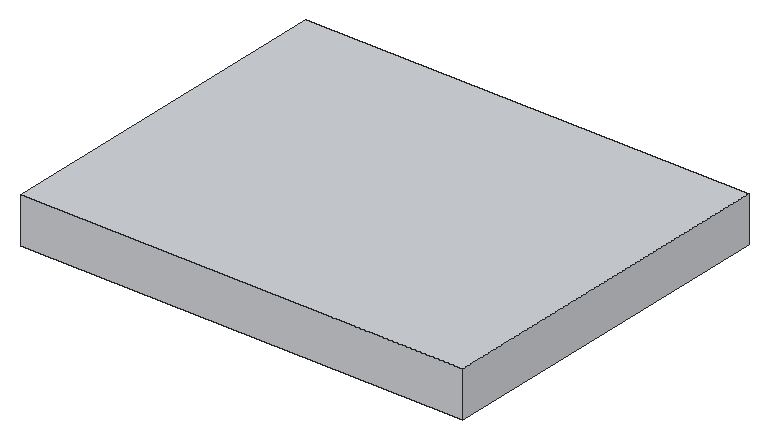
Revit family "42bf4606e7c24d5bb4f7366f0226355d", category Electrical Equipment, Revit 2021
Family settings
  Round Connector Dimension = Use Diameter
  Part Type = Other Panel
  OmniClass Number = 23.85.50.17.11.17
  OmniClass Title = Network Routers
  Seek Item ID = Ethernet Switch-0000-USA-ENU
  Work Plane-Based = No
  Always vertical = Yes
  Cut with Voids When Loaded = No
  Shared = No
  Room Calculation Point = No
Parameters (values of type "Standard")
  Width = 1' - 5 3/256"
  Height = 0' - 1 197/256"
  Depth = 1' - 1 189/256"
  Default Elevation = 0' - 0"
  built-in parameter 1140087 [instance] = element -7000011
Reference planes (in)
  plane 1 "Center (Front/Back)": y = 0
  plane 2: z = 0
  plane 3 "Center (Left/Right)": x = 0
  plane 4: z = 1.76953
Forms (in)
  Extrusion 1, solid
    sketch origin (0, 0, 0) x (1, 0, 0) y (0, 1, 0)
      loop
        line (-8.50586, 6.86914) -> (-8.50586, -6.86914) -> (8.50586, -6.86914) -> (8.50586, 6.86914) -> (-8.50586, 6.86914)
    from 0 to 1.76953
Dimensions and locks (in)
  "Depth": Extrusion 1 sketch curve to Extrusion 1 sketch curve
  "Width": Extrusion 1 sketch curve to Extrusion 1 sketch curve
  equal spacing: Extrusion 1 sketch curve, plane 3 "Center (Left/Right)", Extrusion 1 sketch curve
  equal spacing: Extrusion 1 sketch curve, plane 1 "Center (Front/Back)", Extrusion 1 sketch curve
  "Height": plane 4 to plane 2
  aligned and locked: plane 4 to Extrusion 1
  aligned and locked: Extrusion 1 to plane 2
Connectors (in)
  electrical at (0, 6.86914, 0.88477)
    settings: on Extrusion 1, index 1, voltage 0 V, apparent load 0 VA, apparent load phase1 0 VA, apparent load phase2 0 VA, apparent load phase3 0 VA, power factor 1, load classification "Other", number of poles 1, system type 5, power factor state 1, is connector primary yes, connector utility no, sub classification motor no, connector description ""
